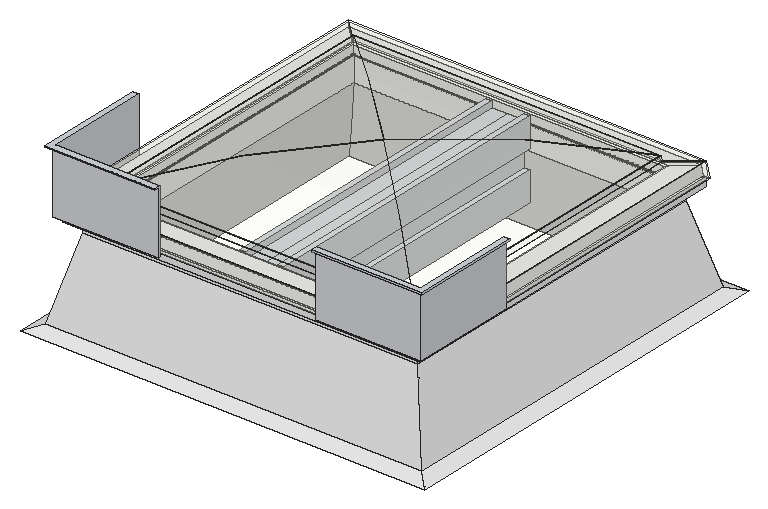
Revit family "BMDS_Mardome TRADE SV (1a)", category Windows, host Face, Revit 2018
Family settings
  Host = Face
  OmniClass Number = 23.30.30.00
  OmniClass Title = Skylights
  Cut with Voids When Loaded = No
  Shared = No
  Room Calculation Point = No
Parameters (values of type "MARDOME")
  WindLoadClassification = "WL 1500"
  WindDeflectorYes/No = if(WindDeflector, "Yes", "No")  # "Yes"
  WindDeflectorSide = 460 mm
  WindDeflectorOption = if(WindDeflector, 10, 0)  # 10
  WindDeflector = yes
  WidthLength = if(Width + Length = 3000 mm, 10, if(Width + Length = 3150 mm, 10, if(Width + Length = 3300 mm, 10, if(Width + Length = 3600 mm, 10, 0))))  # 0
  Width = 1200 mm
  WeightOuter = 0.00 kg/m²
  WeightInner = 0.00 kg/m²
  WarrantyStartDate [instance] = "1900-12-31T23:59:59"
  WarrantyGuarantorParts = "n/a"
  WarrantyGuarantorLabour = "n/a"
  WarrantyDurationUnit = "year"
  WarrantyDurationParts = "n/a"
  WarrantyDurationLabour = "n/a"
  WarrantyDescription = "n/a"
  Visual Light Transmittance = VisibleLightTransmittance  # 0.78
  VisibleLightTransmittance = if(GlazingType = 1, 0.85, if(GlazingType = 2, 0.78, if(GlazingType = 3, 0.78, if(GlazingType = 4, 0.72, if(GlazingType = 5, 0.39, if(GlazingType = 6, 0.36, if(GlazingType = 7, 0.35, if(GlazingType = 8, 0.32, 0))))))))  # 0.78
  VisibleLightReflectance = 0  # constant formula
  Version = "1.0"
  VentilationOpeningAngleSmokeModule = 140.00°  # constant formula
  Upstand = UHMW, White
  Uniclass2015Title = "Powered smoke and heat exhaust ventilators"
  Uniclass2015Code = "Pr_70_65_82_64"
  UV Protection = "Co-extruded UV surface protection."
  URL = "http://www.brettmartin.com/en-gb/daylight-systems/about-us.aspx"
  TotalSolarTransmittance (GValue) = if(GlazingType = 1, 0.73, if(GlazingType = 2, 0.66, if(GlazingType = 3, 0, if(GlazingType = 4, 0, if(GlazingType = 5, 0, if(GlazingType = 6, 0, if(GlazingType = 7, 0.33, if(GlazingType = 8, 0.3, 0))))))))  # 0
  ThermalTransmittance = if(GlazingType = 1, 2.7, if(GlazingType = 2, 1.8, if(GlazingType = 3, 2.7, if(GlazingType = 4, 1.8, if(GlazingType = 5, 2.7, if(GlazingType = 6, 1.8, if(GlazingType = 7, 2.7, if(GlazingType = 8, 1.8, 0))))))))  # 2.7
  TagNumber [instance] = "n/a"
  TKWCv = 0
  TKWAa = 0.00 m²
  TKSCv = 0
  TKSAa = 0.00 m²
  TKRO = 0.00 m²
  TCheck = 0
  SystemManufacturer = Manufacturer  # "Brett Martin Daylight Systems Ltd"
  SustainabilityPerformance = "n/a"
  SolarTransmittance = 0  # constant formula
  SolarReflectance = 0  # constant formula
  SolarAbsorption = 0  # constant formula
  SnowLoadClassification = "SL 500"
  SmokeStop = no
  Size = ""
  Shape = ""
  ShadingCoefficient = if(GlazingType = 1, 0.84, if(GlazingType = 2, 0.76, if(GlazingType = 3, 0, if(GlazingType = 4, 0, if(GlazingType = 5, 0, if(GlazingType = 6, 0, if(GlazingType = 7, 0.38, if(GlazingType = 8, 0.34, 0))))))))  # 0
  SeviceLifeDuration = 20  # constant formula
  SerialNumber [instance] = "n/a"
  SecurityRating = "n/a"
  RoofOpeningArea = if(KerbType = 2, TKRO, DFRO)  # 0.00 m²
  Roof Thickness [instance] = 400 mm
  ResistanceToHeatClassification = "B 300"
  ReplacementCost = "n/a"
  ReliabilityClassification = "Re 1000"
  Reflectivity = 0
  Reference = "n/a"
  Pyramid Height = if(Width < 600 mm, 54 mm, if(Width < 750 mm, 62 mm, if(Width < 900 mm, 69 mm, if(Width < 1050 mm, 77 mm, if(Width < 1200 mm, 85 mm, if(Width < 1350 mm, 95 mm, if(Width < 1500 mm, 106 mm, if(Width < 1650 mm, 116 mm, if(Width < 1800 mm, 127 mm, 137 mm)))))))))  # 95 mm
  Process = "Replacement at service life intervals"
  PredefinedType = "BrettMartin_Mardome"  # constant formula
  PowerSupplyOptions = "Without Control Panel - 24V DC / Control Panel - 230V AC/1.2A max, output supply 24-28V DC with max load 5A OR 8A.  See Technical Bulletin 286 for further details"
  Perimeter = Length * 2 + Width * 2  # 4800 mm
  Opening Width = if(or(Kerb Type = 1, Kerb Type = 2), Width, Width - 150 mm)  # 1200 mm
  Opening Length = if(or(Kerb Type = 1, Kerb Type = 2), Length, Length - 150 mm)  # 1200 mm
  Offset [instance] = 0 mm
  O&MManual = "BMDS COSHH 12 -  Mardome Product Safety & Handling COSHH Data Sheet"
  NonOpenable = no
  NominalWidth = Width  # 1200 mm
  NominalLength = Length  # 1200 mm
  NominalHeight = Height  # 522.7 mm
  NetVolume = 135.00 m³
  Name = Construction Type  # "Mardome TRADE SV"
  NBSReference = "90-45-30/370"
  NBSDescription = "Powered smoke and heat exhaust ventilators"
  ModelReference = "n/a"
  ModelNumber = "n/a"
  ModelLabel = PredefinedType  # "BrettMartin_Mardome"
  MethodOfMeasurement = PredefinedType  # "BrettMartin_Mardome"
  Material = "Polycarbonate"  # constant formula
  ManufacturerURL = "http://www.brettmartin.com"
  Manufacturer = "Brett Martin Daylight Systems Ltd"  # constant formula
  LowAmbientTemperatureClassification = "T (-15)"
  Length = 1200 mm
  Layername = "BrettMartin_Mardome"
  KerbWind = WindDeflectorOption + KerbType  # 12
  KerbType = 2
  KerbOption = if(Kerb Type = 0, "Select valid kerb option", if(Kerb Type = 1, " Select valid kerb option ", if(Kerb Type = 2, "Tall Kerb", if(Kerb Type = 3, "Builders Upstand", if(Kerb Type = 4, " Select valid kerb option ", "Select valid kerb option")))))  # "Tall Kerb"
  Kerb Type = if(KerbType = 0, 0, if(KerbType = 1, 0, if(KerbType = 2, 2, if(KerbType = 3, 3, 0))))  # 2
  IsWired = yes
  IsExternal = yes
  InstallationInstructions = "To be fully fixed in accordance with BMDS fixing recommendations - see Technical Bulletin 286."
  InstallationDate [instance] = "1900-12-31T23:59:59"
  Inner Frame = UHMW, White
  Initiation = "Automatic device activated by a signal from the fire alarm – optional Control Panel System with either a Fire Switch; Fireman’s Priority Switch or Smoke Detector"
  Infiltration = 0
  IfcExportType = "SKYLIGHT"
  IfcExportAs = "IfcWindowStyle"
  Height = Builders Upstand Check + Dome Surface Offset + Dome Pyramid Height  # 522.7 mm
  GrossVolume = NominalLength * NominalWidth * NominalHeight  # 0.752688 m³
  GrossArea = NominalLength * NominalWidth  # 1.44 m²
  Grade = "n/a"
  GlazingType = 3
  GlazingOuter = "3mm Marlon FSX Polycarbonate"  # constant formula
  GlazingOption = if(GlazingType = 0, "Select valid glazing option", if(GlazingType = 1, "CLEAR Double Skin", if(GlazingType = 2, "CLEAR Triple Skin", if(GlazingType = 3, "Textured Double Skin", if(GlazingType = 4, "Textured Triple Skin", if(GlazingType = 5, "Bronze Double Skin", if(GlazingType = 6, "Bronze Triple Skin", if(GlazingType = 7, "OPAL Double Skin", if(GlazingType = 8, "OPAL Triple Skin", "Select valid glazing option")))))))))  # "Textured Double Skin"
  GlazingInner = if(GlazingType = 0, "Select valid glazing option", if(GlazingType = 1, "Single Skin Inner", if(GlazingType = 2, "Cassette Polycarbonate Double Skin", if(GlazingType = 3, " Single Skin Inner ", if(GlazingType = 4, " Cassette Polycarbonate Double Skin ", if(GlazingType = 5, " Single Skin Inner ", if(GlazingType = 6, " Cassette Polycarbonate Double Skin ", if(GlazingType = 7, " Single Skin Inner ", if(GlazingType = 8, " Cassette Polycarbonate Double Skin ", "Select valid glazing option")))))))))  # " Single Skin Inner "
  FreeArea = 0.00 m²
  FragilityClass = "To be Class B non-fragile to ACR[M]001 when fully fixed."
  FireRating = "BROOF(t4) to EN13501-5 & Class B-s1,d0 to EN13501-1"  # constant formula
  Finish = "n/a"
  Features = "Various layer options"
  FFactor = 0.8  # constant formula
  ExpectedLife = "20"
  DurationUnit = "year"
  DriveMechanism = "Factory fitted 24V electrical actuator, to fully open in ≤60 seconds"
  Dome/Pyramid = if(Dome, "Dome", "Pyramid")  # "Dome"
  Dome Surface Offset = if(Kerb Type = 3, 164.7 mm, BUpstand to DSurfaceOff)  # 62.7 mm
  Dome Pyramid Height = if(Dome, Dome Height, Pyramid Height)  # 95 mm
  Dome Pyramid = BMDS_natural clear
  Dome Height = if(Width < 600 mm, 54 mm, if(Width < 750 mm, 62 mm, if(Width < 900 mm, 69 mm, if(Width < 1050 mm, 77 mm, if(Width < 1200 mm, 85 mm, if(Width < 1350 mm, 95 mm, if(Width < 1500 mm, 106 mm, if(Width < 1650 mm, 116 mm, if(Width < 1800 mm, 127 mm, 137 mm)))))))))  # 95 mm
  Dome = yes
  Documentation = "http://www.brettmartin.com/en-gb/daylight-systems/about-us.aspx"
  DocumentReference = "http://www.brettmartin.com/en-gb/daylight-systems/about-us.aspx"
  Description = "Mardome TRADE Smoke Vent Rooflight"
  Default Elevation = 0 mm
  DaylightSize = ""
  DFWCv = 0
  DFWAa = 0.00 m²
  DFSCv = 0
  DFSAa = 0.00 m²
  DFRO = 0.00 m²
  Construction Type = "Mardome TRADE SV"
  Constituents = "n/a"
  Color = ""
  CodePerformance = "To BS EN 12101-2 : 2003"
  Certification = "CE marked to BS EN 12101-2 :2003; DoP ref: CE-SMV-001"
  Category = "Pr_70_65_82_64"
  Builders Upstand Height = 225 mm
  Builders Upstand Check = if(Kerb Type = 1, 216 mm, if(Kerb Type = 2, 365 mm, Builders Upstand Height))  # 365 mm
  BarCode [instance] = "n/a"
  BUpstand to DSurfaceOff = 62.7 mm
  BREGreenGuideRating = "TBC"
  BRECertifiedEnvironmentalProfileEmbodiedCarbon = 0.00 kg/m²
  BREApprovedEnvironmentalProfileEcopointScore = 0
  BIMObjectName = "BrettMartin_RooflightSystem_Mardome"  # constant formula
  BBACertificateNo = ""
  Author = "BMDS"  # constant formula
  AssetType = "Fixed"
  AssetIdentifier [instance] = "n/a"
  AerodynamicFreeArea_Cv = if(KerbWind = 2, TKSCv, if(KerbWind = 3, DFSCv, if(KerbWind = 12, TKWCv, if(KerbWind = 13, DFWCv, 0))))  # 0
  AerodynamicFreeArea_Aa = if(KerbWind = 2, TKSAa, if(KerbWind = 3, DFSAa, if(KerbWind = 12, TKWAa, if(KerbWind = 13, DFWAa, 0.00 m²))))  # 0.00 m²
  AcousticRating = ""
  AccessibilityPerformance = "n/a"
Reference planes
  plane 1 "Center (Front/Back)": y = 0
  plane 2: z = 0
  plane 3 "Center (Left/Right)": x = 0
  plane 4: x = -600
  plane 5: x = 600
  plane 6: y = -600
  plane 7: y = 600
  plane 8: z = -400
Forms (mm)
  Extrusion 1, void
    sketch origin (0, 0, 0) x (1, 0, 0) y (0, 1, 0)
      loop
        line (-600, 600) -> (-600, -600) -> (600, -600) -> (600, 600) -> (-600, 600)
    from -400 to 0
Dimensions and locks
  equal spacing: plane 7, plane 1 "Center (Front/Back)", plane 6
  "Opening Length": plane 7 to plane 6
  equal spacing: plane 4, plane 3 "Center (Left/Right)", plane 5
  "Opening Width": plane 4 to plane 5
  "Roof Thickness": plane 2 to plane 8
  "Offset": level to nested 1
  aligned and locked: host face to plane 2
  aligned and locked: host face to level
  aligned and locked: Extrusion 1 sketch curve to plane 7
  aligned and locked: Extrusion 1 sketch curve to plane 5
  aligned and locked: plane 6 to Extrusion 1 sketch curve
  aligned and locked: plane 2 to Extrusion 1
  aligned and locked: plane 1 "Center (Front/Back)" to nested 1
  aligned and locked: Extrusion 1 to plane 8
Automatic sketch dimensions
  host sketch curve to host sketch curve = 6059.227 mm
  host sketch curve to host sketch curve = 11087.837 mm
  plane 4 to Extrusion 1 sketch curve = 0 mm
Nested families
  nested 1: "Mardome Base FamilySV" at (0, 0, 0), type "Mardome Base FamilySV"
Definition of nested family "Mardome Base FamilySV"
  Parameters (values of type "Mardome Base FamilySV")
    Wind Deflector Visibility = yes
    Wind Deflector Side = 400 mm  # constant formula
    Wind Deflector Base Height = if(Kerb Type = 2, 170 mm, 125 mm)  # 170 mm
    Vented = Kerb Type = 3  # no
    Upstand = none
    Ultra Top Edge = none
    Ultra Seal = none
    Ultra = not(Trade)  # no
    Trade = yes
    Tall = Kerb Type = 2  # yes
    Standard = Kerb Type = 1  # no
    Pyramid Height = 95 mm
    Pyramid = not(Dome)  # no
    OpenerB = OpenerA - Dome Length  # -525 mm
    OpenerA = Dome Length / 2  # 525 mm
    Opener Base Height = if(Dome Width = 900 mm, 140 mm, if(Dome Width = 1050 mm, 150 mm, if(Dome Width = 1200 mm, 155 mm, if(Dome Width = 1350 mm, 165 mm, if(Dome Width = 1500 mm, 170 mm, if(Dome Width = 1650 mm, 185 mm, 0 mm))))))  # 150 mm
    Kerb Type = 2
    Inner Frame Height Difference = if(Kerb Type = 4, Dome Height Difference - 3 mm, Dome Height Difference - 7.9 mm)  # -7.9 mm
    Inner Frame = none
    I Frame = not(Ultra)  # yes
    Dome Width = Builders Upstand Width Ext - 150 mm  # 1050 mm
    Dome Surface Offset = 62.7 mm
    Dome Surface Height = Builders Upstand Check + BU to DS  # 427.7 mm
    Dome Material = none
    Dome Length = Builders Upstand Length Ext - 150 mm  # 1050 mm
    Dome Height Difference = if(Vented, 102 mm, 0 mm)  # 0 mm
    Dome = yes
    Direct Fix = Kerb Type = 4  # no
    Builders Upstand Width Ext = 1200 mm
    Builders Upstand Length Ext = 1200 mm
    Builders Upstand Height = 225 mm
    Builders Upstand Check = 365 mm
    Builders Upstand = or(Direct Fix, Vented)  # no
    BU to DS = 62.7 mm
  Reference planes
    plane 1 "Center (Front/Back)": y = 0
    plane 2: z = 0
    plane 3 "Center (Left/Right)": x = 0
    plane 4: x = -600
    plane 5: x = -525
    plane 6: x = 600
    plane 7: y = 600
    plane 8: y = -600
    plane 9: x = 525
    plane 10 "BU Top": z = 365
    plane 11: y = 525
    plane 12: y = -525
    plane 13 "BU to DS": z = 427.7
    plane 14 "Pyramid Start": z = 427.7
    plane 15: z = 522.7
  Forms (mm)
    Sweep 1, solid, material <- "Upstand", visible <- "Builders Upstand"
      path origin (0, 0, 0) x (1, 0, 0) y (0, 1, 0)
        loop
          line (-600, -600) -> (600, -600) -> (600, 600) -> (-600, 600) -> (-600, -600)
      profile origin (-600, 0, 0) x (-1, 0, 0) y (0, 0, 1)
        loop
          line (0, 0) -> (0, 365) -> (-75, 365) -> (-75, 0) -> (0, 0)
    Sweep 2, solid, material <- "Upstand", visible <- "Vented"
      path origin (0, 0, 0) x (1, 0, 0) y (0, 1, 0)
        loop
          line (-600, -600) -> (600, -600) -> (600, 600) -> (-600, 600) -> (-600, -600)
      profile "Vented Direct Fix : Vented Direct Fix" origin (-600, 0, 0) x (-1, 0, 0) y (0, 0, 1)
        loop
          line (26.728, 365) -> (40.857, 326.179)
          arc (40.857, 326.179) -> (42.139, 325.581) -> (42.737, 326.863) r 1
          line (42.737, 326.863) -> (22.487, 382.5) -> (-22.577, 388.033) -> (-22.577, 427.612) -> (9, 427.612) -> (9, 459.074) -> (-61.2, 461.526)
          arc (-61.2, 461.526) -> (-61.49, 461.828) -> (-61.799, 461.547) r 0.3
          line (-61.799, 461.547) -> (-65, 461.659) -> (-72, 467.008) -> (-75, 467.008) -> (-75, 365) -> (26.728, 365)
    Sweep 3, solid, material <- "Upstand", visible <- "Tall"
      path origin (0, 0, 0) x (1, 0, 0) y (0, 1, 0)
        loop
          line (-600, -600) -> (600, -600) -> (600, 600) -> (-600, 600) -> (-600, -600)
      profile "Tall Kerb Profile : Tall Kerb Profile" origin (0, -600, 0) x (0, 1, 0) y (0, 0, 1)
        loop
          line (-9, 325.597) -> (29.577, 325.597) -> (29.577, 288.373) -> (-41.208, 17.639) -> (-89.671, 0) -> (0, 0) -> (75, 284.078) -> (75, 365) -> (72, 365) -> (65, 359.651) -> (61.8, 359.539)
          arc (61.8, 359.539) -> (61.489, 359.828) -> (61.2, 359.518) r 0.3
          line (61.2, 359.518) -> (-9, 357.067) -> (-9, 325.597)
    Sweep 4, solid, material <- "Inner Frame", visible <- "I Frame"
      path origin (0, 0, 365) x (-1, 0, 0) y (0, -1, 0)
        loop
          line (600, 600) -> (-600, 600) -> (-600, -600) -> (600, -600) -> (600, 600)
      profile "Top Frame Profile Trade : Top Frame Profile Trade" origin (0, -600, 365) x (0, 1, 0) y (0, 0, 1)
        loop
          line (-0.131, 28.826) -> (-4.266, -4.856) -> (18.734, -4.052) -> (18.734, 0.644) -> (40.734, 0.644) -> (40.734, -7.9) -> (56.044, -7.9) -> (56.044, -2.749) -> (64.326, -2.46) -> (66.85, 1.144) -> (68.734, 1.144) -> (68.734, 28.144) -> (60.365, 30.938) -> (-0.131, 28.826)
    Sweep 5, solid, material <- "Dome Material"
      path origin (0, 0, 427.7) x (-1, 0, 0) y (0, -1, 0)
        loop
          line (600, 600) -> (-600, 600) -> (-600, -600) -> (600, -600) -> (600, 600)
      profile "Trade Lip Profile : Trade Lip Profile" origin (0, -600, 427.7) x (0, 1, 0) y (0, 0, 1)
        loop
          line (-11.717, -22.176) -> (-18.471, -77.176) -> (-15.448, -77.176) -> (-9.052, -25.085) -> (75.34, -22.138) -> (78.023, -0.291) -> (75, -0.291) -> (72.675, -19.229) -> (-11.717, -22.176)
    Blend 6, solid, material <- "Dome Material", visible <- "Pyramid"
      base sketch origin (0, 0, 427.7) x (-1, 0, 0) y (0, -1, 0)
        loop
          line (525, -525) -> (525, 525) -> (-525, 525) -> (-525, -525) -> (525, -525)
      top sketch origin (0, 0, 427.7) x (-1, 0, 0) y (0, -1, 0)
        loop
          line (4, -4) -> (4, 4) -> (-4, 4) -> (-4, -4) -> (4, -4)
      from 0 to 95
    Blend 7, void
      base sketch origin (0, 0, 427.7) x (-1, 0, 0) y (0, -1, 0)
        loop
          line (520, -520) -> (520, 520) -> (-520, 520) -> (-520, -520) -> (520, -520)
      top sketch origin (0, 0, 427.7) x (-1, 0, 0) y (0, -1, 0)
        loop
          line (4, -4) -> (4, 4) -> (-4, 4) -> (-4, -4) -> (4, -4)
      from -2 to 91.489
    Extrusion 8, solid
      sketch origin (0, 0, -225) x (1, 0, 0) y (0, 0, 1)
        loop
          line (1.732, 597.7) -> (-53.268, 597.7) -> (-53.268, 617.7) -> (-73.268, 617.7) -> (-73.268, 613.7) -> (-73.268, 517.7) -> (-53.268, 517.7) -> (-53.268, 452.7) -> (-73.268, 452.7) -> (-73.268, 352.7) -> (76.732, 352.7) -> (76.732, 452.7) -> (56.732, 452.7) -> (56.732, 517.7) -> (76.732, 517.7) -> (76.732, 617.7) -> (56.732, 617.7) -> (56.732, 597.7) -> (1.732, 597.7)
      from -525 <- "OpenerB" to 525 <- "OpenerA"
    Sweep 9, solid, visible <- "Wind Deflector Visibility"
      path origin (637.146, -230.813, 556.026) x (0, -1, 0) y (1, 0, 0)
        loop
          line (36.543, 30.21) -> (436.543, 30.21) -> (436.543, -369.79)
      profile origin (667.356, -467.356, 556.026) x (1, 0, 0) y (0, 0, 1)
        loop
          line (-39.536, -211.952) -> (-39.536, 1.674) -> (-24.536, 1.674) -> (-24.536, 6.674) -> (-44.536, 6.674) -> (-44.536, -211.952) -> (-39.536, -211.952)
    Sweep 10, solid, visible <- "Wind Deflector Visibility"
      path origin (-637.062, -230.729, 556.026) x (0, -1, 0) y (1, 0, 0)
        loop
          line (36.543, -30.21) -> (436.543, -30.21) -> (436.543, 369.79)
      profile origin (-667.273, -467.273, 556.026) x (1, 0, 0) y (0, 0, 1)
        loop
          line (39.536, -211.952) -> (44.536, -211.952) -> (44.536, 6.674) -> (24.536, 6.674) -> (24.536, 1.674) -> (39.536, 1.674) -> (39.536, -211.952)
  Cuts and joins
    Blend 7 cuts Blend 6
  Dimensions and locks
    locked: plane 4 to plane 5 at 75
    locked: plane 9 to plane 6 at 75
    "Builders Upstand Width Ext": plane 4 to plane 6
    "Builders Upstand Length Ext": plane 7 to plane 8
    equal spacing: plane 7, plane 1 "Center (Front/Back)", plane 8
    equal spacing: plane 4, plane 3 "Center (Left/Right)", plane 6
    "Builders Upstand Check": plane 10 "BU Top" to level
    locked: plane 7 to plane 11 at 75
    locked: plane 12 to plane 8 at 75
    "BU to DS": plane 13 "BU to DS" to plane 10 "BU Top"
    "Dome Surface Offset": plane 14 "Pyramid Start" to plane 10 "BU Top"
    "Pyramid Height": plane 15 to plane 14 "Pyramid Start"
    equal spacing: Blend 6 sketch curve, plane 3 "Center (Left/Right)", Blend 6 sketch curve
    equal spacing: Blend 6 sketch curve, plane 1 "Center (Front/Back)", Blend 6 sketch curve
    locked: plane 11 to Blend 7 sketch curve at 5
    locked: Blend 7 sketch curve to plane 9 at 5
    locked: plane 5 to Blend 7 sketch curve at 5
    locked: Blend 7 sketch curve to plane 12 at 5
    locked: plane 15 to Blend 7 at 3.511
    "Wind Deflector Side": Sweep 9 sketch curve to Sweep 9 sketch curve  (x2)
    locked: Extrusion 8 sketch curve to Extrusion 8 sketch curve at 100  (x4)
    locked: Extrusion 8 sketch curve to Extrusion 8 sketch curve at 65  (x2)
    Extrusion 8 sketch curve to Extrusion 8 sketch curve = 150 mm
    locked: Extrusion 8 sketch curve to Extrusion 8 sketch curve at 20  (x2)
    "Opener Base Height": cut or joined group of Blend 6, Blend 7 to Extrusion 8 sketch curve
    locked: Sweep 9 sketch curve to Sweep 9 sketch curve at 5  (x2)
    locked: Sweep 9 sketch curve to Sweep 9 sketch curve at 218.626
    locked: Sweep 9 sketch curve to Sweep 9 sketch curve at 20
    locked: Sweep 9 sketch curve to Sweep 9 sketch curve at 213.626
    "Wind Deflector Base Height": Sweep 9 sketch curve to Extrusion 8
    "Wind Deflector Side": Sweep 10 sketch curve to Sweep 10 sketch curve  (x2)
    locked: Sweep 10 sketch curve to Sweep 10 sketch curve at 5  (x2)
    locked: Sweep 10 sketch curve to Sweep 10 sketch curve at 218.626
    locked: Sweep 10 sketch curve to Sweep 10 sketch curve at 20
    locked: Sweep 10 sketch curve to Sweep 10 sketch curve at 213.626
    "Wind Deflector Base Height": Sweep 10 sketch curve to Extrusion 8
    aligned and locked: level to plane 2
    aligned and locked: Sweep 1 sketch curve to plane 6
    aligned and locked: plane 4 to Sweep 1 sketch curve
    aligned and locked: plane 8 to Sweep 1 sketch curve
    aligned and locked: Sweep 1 sketch curve to plane 10 "BU Top"
    aligned and locked: Sweep 1 sketch curve to plane 5
    aligned and locked: Blend 6 sketch curve to plane 11
    aligned and locked: plane 5 to Blend 6 sketch curve
    aligned and locked: plane 12 to Blend 6 sketch curve
    aligned and locked: Blend 6 sketch curve to plane 9
    aligned and locked: plane 15 to Blend 6
    aligned and locked: Blend 7 sketch curve to Blend 6  (x4)
    aligned and locked: profile plane to Sweep 1 sketch curve
    aligned and locked: plane 3 "Center (Left/Right)" to nested 1
    aligned and locked: plane 1 "Center (Front/Back)" to nested 1
  Automatic sketch dimensions
    Sweep 1 sketch curve to plane 7 = 0 mm
    Sweep 1 sketch curve to level = 0 mm
    Sweep 2 sketch curve to plane 4 = 0 mm
    Sweep 2 sketch curve to plane 6 = 0 mm
    Sweep 2 sketch curve to plane 8 = 0 mm
    Sweep 2 sketch curve to plane 7 = 0 mm
    Sweep 3 sketch curve to plane 4 = 0 mm
    Sweep 3 sketch curve to plane 6 = 0 mm
    Sweep 3 sketch curve to plane 8 = 0 mm
    Sweep 3 sketch curve to plane 7 = 0 mm
    Sweep 4 sketch curve to plane 6 = 0 mm
    Sweep 4 sketch curve to plane 4 = 0 mm
    Sweep 4 sketch curve to plane 7 = 0 mm
    Sweep 4 sketch curve to plane 8 = 0 mm
    Sweep 5 sketch curve to plane 6 = 0 mm
    Sweep 5 sketch curve to plane 4 = 0 mm
    Sweep 5 sketch curve to plane 7 = 0 mm
    Sweep 5 sketch curve to plane 8 = 0 mm
    plane 3 "Center (Left/Right)" to Blend 6 sketch curve = 4 mm
    Blend 6 sketch curve to plane 1 "Center (Front/Back)" = 4 mm
    Extrusion 8 sketch curve to plane 3 "Center (Left/Right)" = 73.268 mm
    Extrusion 8 sketch curve to Extrusion 8 sketch curve = 0 mm
    Extrusion 8 sketch curve to Extrusion 8 sketch curve = 20 mm  (x4)
    plane 3 "Center (Left/Right)" to Extrusion 8 sketch curve = 1.732 mm
    Extrusion 8 sketch curve to Extrusion 8 sketch curve = 55 mm
    Extrusion 8 sketch curve to Extrusion 8 sketch curve = 4 mm
    Sweep 9 sketch curve to plane 8 = 67.356 mm
    plane 6 to Sweep 9 sketch curve = 67.356 mm
    profile plane to Sweep 9 sketch curve = 44.536 mm
    Sweep 10 sketch curve to plane 8 = 67.273 mm
    Sweep 10 sketch curve to plane 4 = 67.273 mm
    Sweep 10 sketch curve to profile plane = 24.536 mm
  Nested families
    nested 1: "Dome" at (0, 0, 427.7), visible <- "Dome", type "Dome"
      with W 1050 mm, L 1050 mm, HW- -525 mm, HW 525 mm, HL- -525 mm, HL 525 mm, H+20 115 mm, H 95 mm
  Definition of nested family "Dome"
    Parameters
      W = 450 mm
      L = 450 mm
      HW- = -W / 2  # -225 mm
      HW = W / 2  # 225 mm
      HL- = -L / 2  # -225 mm
      HL = L / 2  # 225 mm
      H+20 = H + 20 mm  # 74 mm
      H = 54 mm
      Dome = none
      Default Elevation = 1219.2 mm
    Reference planes
      plane 1 "Center (Front/Back)": y = 0
      plane 2: z = 0
      plane 3 "Center (Left/Right)": x = 0
      plane 4: z = 74
    Forms (mm)
      Extrusion 1, solid, material <- "Dome"
        sketch origin (0, 0, 0) x (1, 0, 0) y (0, 0, 1)
          loop
            line (-225, 0) -> (225, 0) -> (225, 54) -> (-225, 54) -> (-225, 0)
        from -225 <- "HL-" to 225 <- "HL"
      Extrusion 2, void
        sketch origin (0, 0, 0) x (0, 1, 0) y (0, 0, 1)
          loop
            line (225, 0) -> (225, 74) -> (-225, 74) -> (-225, 0)
            arc (-225, 0) -> (0, 54) -> (225, 0) r 495.75
        from -225 <- "HW-" to 225 <- "HW"
      Extrusion 3, void
        sketch origin (0, 0, 0) x (1, 0, 0) y (0, 0, 1)
          loop
            arc (-225, 0) -> (0, 54) -> (225, 0) r 495.75
            line (225, 0) -> (225, 74) -> (-225, 74) -> (-225, 0)
        from -225 <- "HL-" to 225 <- "HL"
    Cuts and joins
      Extrusion 2, Extrusion 3 cuts Extrusion 1
    Dimensions and locks
      "H": Extrusion 2 sketch curve to level
      equal spacing: Extrusion 2 sketch curve, plane 1 "Center (Front/Back)", Extrusion 2 sketch curve
      "L": Extrusion 2 sketch curve to Extrusion 2 sketch curve
      "H+20": plane 4 to level
      equal spacing: Extrusion 1 sketch curve, plane 3 "Center (Left/Right)", Extrusion 1 sketch curve
      "W": Extrusion 1 sketch curve to Extrusion 1 sketch curve
      "H": Extrusion 1 sketch curve to level
      "W": Extrusion 3 sketch curve to Extrusion 3 sketch curve
      equal spacing: Extrusion 3 sketch curve, plane 3 "Center (Left/Right)", Extrusion 3 sketch curve
      "H": Extrusion 3 sketch curve to level
      aligned and locked: level to plane 2
      aligned and locked: plane 1 "Center (Front/Back)" to Extrusion 2 sketch curve
      aligned and locked: Extrusion 1 sketch curve to plane 2
      aligned and locked: plane 4 to Extrusion 2 sketch curve
      aligned and locked: Extrusion 3 sketch curve to plane 3 "Center (Left/Right)"
      aligned and locked: plane 4 to Extrusion 3 sketch curve
    Automatic sketch dimensions
      Extrusion 2 sketch curve to level = 0 mm
      Extrusion 3 sketch curve to level = 0 mm
